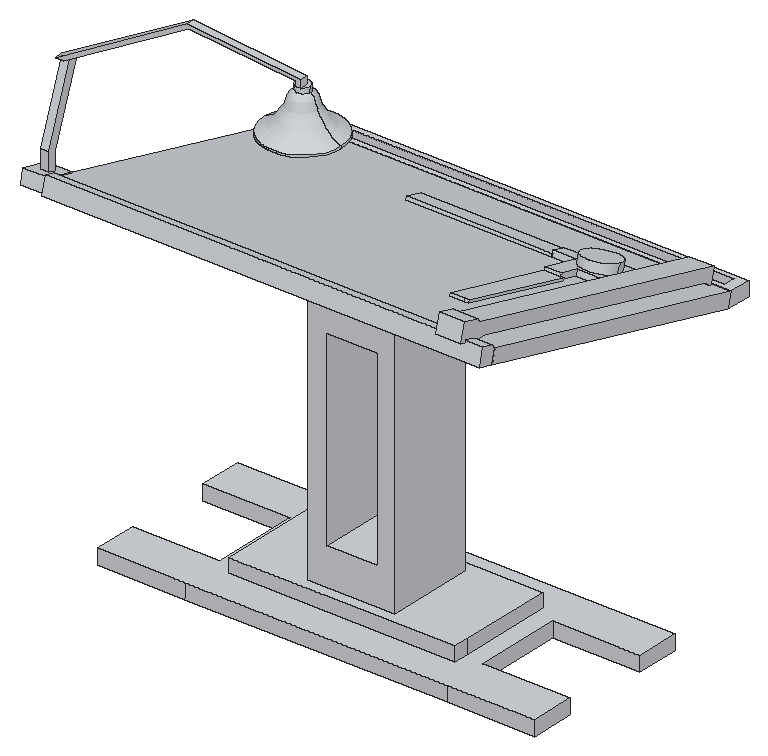
Revit family
Reference planes (in)
  plane 1 "Center (Front/Back)": y = 0
  plane 2: z = 0
  plane 3 "Center (Left/Right)": x = 0
Forms (in)
  Extrusion 1, solid
    sketch origin (0, 0, 0) x (1, 0, 0) y (0, 1, 0)
      loop
        line (-12, 0) -> (24, 0) -> (36, 0) -> (36, 6) -> (24, 6) -> (24, 18) -> (36, 18) -> (36, 24) -> (24, 24) -> (-12, 24) -> (-24, 24) -> (-24, 18) -> (-12, 18) -> (-12, 6) -> (-24, 6) -> (-24, 0) -> (-12, 0)
    from 1.97531 to -0.09849
  Extrusion 2, solid
    sketch origin (0, 0, 0) x (1, 0, 0) y (0, 1, 0)
      loop
        line (0, 18) -> (0, 6) -> (12, 6) -> (12, 18) -> (0, 18)
    from 3.8942 to 42
  Extrusion 3, solid
    sketch origin (0, 0, 0) x (0, 1, 0) y (0, 0, 1)
      loop
        line (18, 42) -> (6, 45.21539) -> (6, 42) -> (18, 42)
    from 0 to 12
  Extrusion 4, solid
    sketch origin (0, 0, 0) x (1, 0, 0) y (0, 1, 0)
      loop
        line (21.39609, 6.5494) -> (21.39609, 19.5494) -> (-9.60391, 19.5494) -> (-9.60391, 4.5494) -> (21.39609, 4.5494) -> (21.39609, 6.5494)
    from 1.97531 to 3.8942
  Extrusion 5, solid
    sketch origin (0, 18, 42) x (0, -0.965926, 0.258819) y (1, 0, 0)
      loop
        line (-15.58757, 36.04278) -> (-15.58757, -23.95722) -> (26.41243, -23.95722) -> (26.41243, 36.04278) -> (-15.58757, 36.04278)
    from 0 to 2
  Extrusion 6, solid
    sketch origin (0, 0, 0) x (0, 1, 0) y (0, 0, 1)
      loop
        line (33.60998, 39.89749) -> (33.07408, 37.89749) -> (36.57408, 37.89749) -> (36.57408, 39.89749) -> (33.60998, 39.89749)
    from -24 to 36
  Extrusion 7, solid
    sketch origin (0, 0, 0) x (0, 1, 0) y (0, 0, 1)
      loop
        line (-6.99481, 50.76789) -> (-7.40805, 51.32494) -> (-8.85694, 51.71317) -> (-9.48174, 49.38135) -> (-7.50804, 48.8525) -> (-6.99481, 50.76789)
    from -24 to 36
  Extrusion 8, solid
    sketch origin (0, 0, 0) x (0, 1, 0) y (0, 0, 1)
      loop
        line (-8.96851, 51.29674) -> (-8.85694, 51.71317) -> (-7.42015, 51.32818) -> (-7.00474, 50.76821) -> (-5.44444, 50.7185) -> (32.46815, 40.55985) -> (32.71815, 40.12684) -> (33.20111, 39.99743) -> (33.73849, 42.00297) -> (-6.54928, 52.79805) -> (-6.68479, 53.28527) -> (-8.891, 53.87642) -> (-9.54111, 51.45017) -> (-8.96851, 51.29674)
    from 30.06266 to 33.49711
  Extrusion 9, solid
    sketch origin (0, 18.51764, 43.93185) x (0, -0.965926, 0.258819) y (1, 0, 0)
      loop
        line (-9.18767, 30.06266) -> (-9.18767, 25.33198)
        arc (-9.18767, 25.33198) -> (-8.71714, 23.62173) -> (-7.43798, 22.39285) r 3.34343
        line (-7.43798, 22.39285) -> (-7.43798, 19.28704) -> (-5.43798, 19.28704) -> (-5.43798, 22.44471) -> (0.06202, 22.44471) -> (0.06202, 24.69471) -> (-2.68798, 24.69471) -> (-2.68798, 30.06266) -> (-9.18767, 30.06266)
    from 0 to 0.77646
  Extrusion 10, solid
    sketch origin (0, 18.51764, 43.93185) x (0, -0.965926, 0.258819) y (1, 0, 0)
      loop
        circle (-5.89199, 25.38781) r 2.5
    from 0.77646 to 2
  Extrusion 11, solid
    sketch origin (0, 18.51764, 43.93185) x (0, -0.965926, 0.258819) y (1, 0, 0)
      loop
        line (-7.43798, 19.28704) -> (-7.93798, 19.28704) -> (-7.93798, -0.71296) -> (-5.43798, -0.71296) -> (-5.43798, 19.28704) -> (-7.43798, 19.28704)
      loop
        line (0.06202, 22.44471) -> (16.74952, 22.44471) -> (16.74952, 24.44471) -> (16.74952, 25.06971) -> (0.06202, 25.06971) -> (0.06202, 22.44471)
    from 0 to 0.39431
  Extrusion 12, solid
    sketch origin (0, 0, 0) x (0, 1, 0) y (0, 0, 1)
      loop
        line (-4.85174, 48.14074) -> (-4.33851, 50.05614) -> (-8.20221, 51.09141) -> (-8.71544, 49.17602) -> (-4.85174, 48.14074)
    from -27.60597 to -24
  Extrusion 13, solid
    sketch origin (0, 0, 0) x (0, 1, 0) y (0, 0, 1)
      loop
        line (-5.68795, 50.43775) -> (-5.68795, 52.84449) -> (-2.13896, 62.59527) -> (-3.12851, 62.95543) -> (-6.71315, 53.10671) -> (-6.71315, 50.71245) -> (-5.68795, 50.43775)
    from -26.42207 to -25.29278
  Extrusion 14, solid
    sketch origin (0, 0, 0) x (1, 0, 0) y (0, 0, 1)
      loop
        line (-27.16165, 62.58861) -> (-26.03235, 62.58861) -> (-8.83829, 72.5156) -> (5.75, 71.23929) -> (5.75, 70.58761) -> (6.44346, 70.58761) -> (6.44346, 71.65559) -> (-9.10157, 73.0156) -> (-27.16165, 62.58861)
    from 2.1126 to 3.25912
  Extrusion 15, solid
    sketch origin (9.36678, 0.46604, 70.58761) x (0, 1, 0) y (1, 0, 0)
      loop
        circle (-2.7984, -3.33482) r 1
    from 0 to 1.59208
  Revolve 16, solid
    sketch origin (-3.26691, -2.31468, 3.09762) x (1, 0, 0) y (0, 0, 1)
      loop
        line (10.29602, 66.901) -> (10.29602, 65.89791) -> (9.30129, 65.89791) -> (9.30129, 61.40572) -> (14.54393, 61.40572) -> (14.54393, 61.65527)
        spline (14.54393, 61.65527) -> (13.41039, 62.31713) -> (12.71018, 62.922) -> (12.29533, 63.44661) -> (12.01812, 63.86785) -> (11.77566, 64.19018) -> (11.56241, 64.47795) -> (11.38558, 64.80336) -> (11.24819, 65.22561) -> (11.11958, 65.69902) -> (10.95278, 66.12762) -> (10.69741, 66.4859) -> (10.29602, 66.901)
      axis (9.30129, 66.901) -> (9.30129, 61.40572)
    angle from 0 to 360
  Extrusion 17, void
    sketch origin (0, -3.25912, 0) x (-1, 0, 0) y (0, 0, 1)
      loop
        line (-2.62132, 9) -> (-2.62132, 35.13851) -> (-9.62132, 35.13851) -> (-9.62132, 9) -> (-2.62132, 9)
    from 0 to 37
  Extrusion 18, void
    sketch origin (0, 33.57408, 39.89749) x (-1, 0, 0) y (0, 1, 0)
      loop
        line (22.99908, 2.22502) -> (-34.62592, 2.22502) -> (-34.62592, 0.72502) -> (22.99908, 0.72502) -> (22.99908, 2.22502)
    from 0 to 1.37957
Cuts and joins
  Extrusion 17 cuts Extrusion 2
  Extrusion 17, Extrusion 18 cuts Extrusion 6
